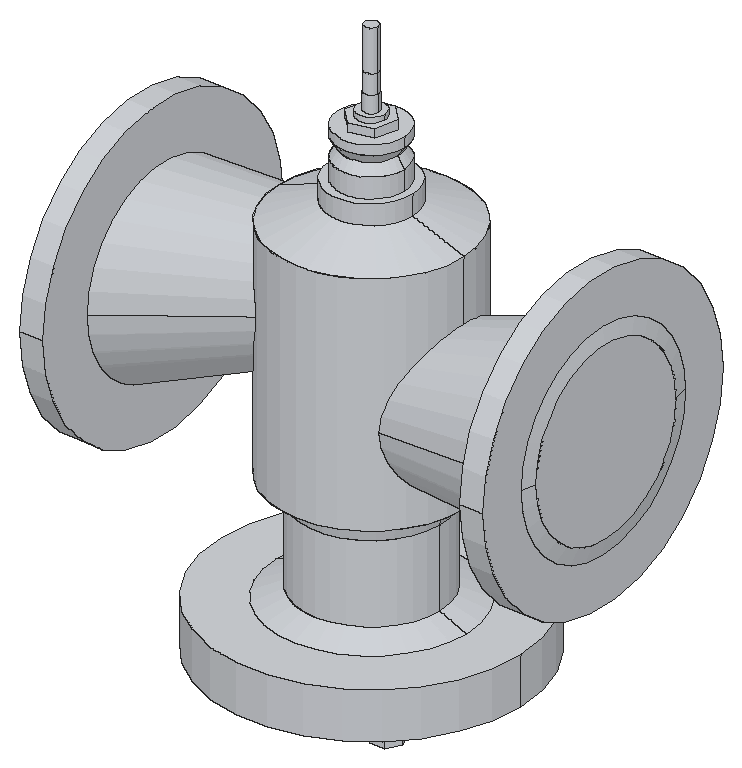
Revit family "2FGB-B_PN16_DN065_RFA_2019", category Pipe Accessories, Revit 2019
Family settings
  Round Connector Dimension = Use Diameter
  Part Type = Valve - Breaks Into
  Work Plane-Based = No
  Always vertical = Yes
  Cut with Voids When Loaded = No
  Shared = No
Parameters (values of type "2FGB-B PN16 DN065")
  magiProductId = ""
  magiProductFamilyId = ""
  magiPartTypeId = 306
  isMeasuringValve [instance] = no
  ang2D [instance] = 0.00°
  Z9 = 4.2 mm
  Z8 = 5.7 mm
  Z7 = 3 mm
  Z6 = 6 mm
  Z5 = 6 mm
  Z4 = 12 mm
  Z3 = 139.45 mm
  Z19 = 9.9 mm
  Z15 = 33.25 mm
  Z14__ve = -Z14  # -11.875 mm
  Z14 = 11.875 mm
  Z13 = 6.82 mm
  Z12 = 47.74 mm
  Z10 = 5.1 mm
  X4 = 28.6 mm
  X2__ve = -X2  # -14.3 mm
  X2 = 14.3 mm
  X1 = 2 mm
  W2D = 65 mm
  VersionID = ""
  Use Minimum Symbol Size [instance] = yes
  URL = "www.hydronix.cz"
  Type Comments = "Přírubový; EQM charakteristika; PN16; -10~+150°C; tlakově vyvážená kuželka"
  R9 = 4 mm
  R7 = 8.34 mm
  R6 = 13.9 mm
  R5 = 16.474 mm
  R4 = 20.592 mm
  R3 = 25.74 mm
  R2 = 44.25 mm
  R13 = 42.48 mm
  R12 = 4.378 mm
  R1 = 35.4 mm
  QmdConnectorList = "301;D;302;D"
  Productdata [instance] = "2FGB65B (DN65; PN16; kvs63; tlakově vyvážená kuželka)"
  Manufacturer = "Hydronix"
  Maintenance Zone Under Depth [instance] = 207 mm
  Maintenance Zone Right Depth [instance] = 175 mm
  Maintenance Zone Over Depth [instance] = 221 mm
  Maintenance Zone Left Depth [instance] = 175 mm
  Maintenance Zone Front Depth [instance] = 110 mm
  Maintenance Zone Back Depth [instance] = 110 mm
  Maintenance Zone Front Visibility [instance] = no
  LT2 = 145 mm
  L2D_Min = 3048 mm
  L2D = 290 mm
  HCDT2 = 59 mm
  H4 = 175 mm
  H3 = 95 mm
  H2 = 25 mm
  FDT2 = 92.5 mm
  Description = "2 cestný regulační ventil přírubový; DN65; PN16; kvs63; zdvih 25mm"
  D4 = 53.975 mm
  D3 = 63.5 mm
  D2 = 57.2 mm
  D = 65 mm
  CenSd_R6_6 = R6 * cos(30.00°)  # 12.037 mm
  CenSd_A_6 = A * cos(30.00°)  # 8.011 mm
  Clearance Zone Height Depth [instance] = 221 mm
  CZONC [instance] = 175 mm
  Clearance Zone Visibility [instance] = no
  B1 = 51.265 mm
  A = 9.25 mm
Types (5, lengths in mm): name | Z9 | Z8 | Z6 | Z5 | Z4 | Z3 | Z19 | Z15 | Z14__ve | Z14 | Z13 | Z12 | Z10 | X4 | X2__ve | X2 | W2D | R7 | R6 | R5 | R4 | R3 | R2 | R13 | R12 | R1 | Productdata | LT2 | L2D | HCDT2 | H4 | H3 | H2 | FDT2 | Description | D4 | D3 | D2 | D | CenSd_R6_6 | CenSd_A_6 | B1 | A
  2FGB-B PN16 DN100 | 4.165 | 5.602 | 5.95 | 5.95 | 11.9 | 168.575 | 9.767 | 40.775 | -14.562 | 14.562 | 8.12 | 56.84 | 5.082 | 34.6 | -17.3 | 17.3 | 100 | 10.089 | 16.816 | 19.93 | 24.912 | 31.14 | 57.375 | 55.08 | 5.297 | 45.9 | "2FGB100B (DN100; PN16; kvs130; tlakově vyvážená kuželka)" | 175 | 350 | 76.5 | 207 | 116.5 | 45 | 110 | "2 cestný regulační ventil přírubový; DN100; PN16; kvs130; zdvih 45mm" | 68.85 | 81 | 69.2 | 100 | 14.563 | 9.526 | 63.64 | 11
  2FGB-B PN16 DN080 | 4.2 | 5.7 | 6 | 6 | 12 | 151.95 | 9.9 | 36.75 | -13.125 | 13.125 | 7.32 | 51.24 | 5.1 | 30.6 | -15.3 | 15.3 | 80 | 8.923 | 14.872 | 17.626 | 22.032 | 27.54 | 49.875 | 47.88 | 4.685 | 39.9 | "2FGB80B (DN80; PN16; kvs100; tlakově vyvážená kuželka)" | 155 | 310 | 66.5 | 187 | 105 | 45 | 100 | "2 cestný regulační ventil přírubový; DN80; PN16; kvs100; zdvih 45mm" | 60.35 | 71 | 61.2 | 80 | 12.879 | 8.66 | 56.569 | 10
  2FGB-B PN16 DN065 | 4.2 | 5.7 | 6 | 6 | 12 | 139.45 | 9.9 | 33.25 | -11.875 | 11.875 | 6.82 | 47.74 | 5.1 | 28.6 | -14.3 | 14.3 | 65 | 8.34 | 13.9 | 16.474 | 20.592 | 25.74 | 44.25 | 42.48 | 4.378 | 35.4 | "2FGB65B (DN65; PN16; kvs63; tlakově vyvážená kuželka)" | 145 | 290 | 59 | 175 | 95 | 25 | 92.5 | "2 cestný regulační ventil přírubový; DN65; PN16; kvs63; zdvih 25mm" | 53.975 | 63.5 | 57.2 | 65 | 12.037 | 8.011 | 51.265 | 9.25
  2FGB-B PN16 DN150 | 4.2 | 5.7 | 6 | 6 | 12 | 227.45 | 9.9 | 54.95 | -19.625 | 19.625 | 10.97 | 76.79 | 5.1 | 47.6 | -23.8 | 23.8 | 150 | 13.88 | 23.134 | 27.418 | 34.272 | 42.84 | 77.625 | 74.52 | 7.287 | 62.1 | "2FGB150B (DN150; PN16; kvs300; tlakově vyvážená kuželka)" | 240 | 480 | 103.5 | 277 | 157 | 45 | 142.5 | "2 cestný regulační ventil přírubový; DN150; PN16; kvs300; zdvih 45mm" | 92.65 | 109 | 95.2 | 150 | 20.034 | 12.341 | 84.853 | 14.25
  2FGB-B PN16 DN125 | 4.2 | 5.7 | 6 | 6 | 12 | 196.45 | 9.9 | 48.65 | -17.375 | 17.375 | 9.22 | 64.54 | 5.1 | 39.6 | -19.8 | 19.8 | 125 | 11.547 | 19.246 | 22.81 | 28.512 | 35.64 | 68.625 | 65.88 | 6.062 | 54.9 | "2FGB125B (DN125; PN16; kvs200; tlakově vyvážená kuželka)" | 200 | 400 | 91.5 | 234 | 139 | 45 | 125 | "2 cestný regulační ventil přírubový; DN125; PN16; kvs200; zdvih 45mm" | 81.6 | 96 | 79.2 | 125 | 16.667 | 10.825 | 74.246 | 12.5
Reference planes
  plane 1 "Center (Front/Back)": y = 0
  plane 2 "XYPLANE": z = 0
  plane 3 "Center (Left/Right)": x = 0
  plane 4 "234": y = -51.265
  plane 5 "233": x = 51.265
  plane 6 "232": x = -51.265
  plane 7 "231": y = 51.265
  plane 8 "225": z = -165
  plane 9 "223": z = 221
  plane 10 "221": x = -175
  plane 11 "220": x = 175
  plane 12 "219": y = -110
  plane 13 "218": y = 110
  plane 14 "196": z = -207
  plane 15 "182": z = 155
  plane 16 "161": z = 143
  plane 17 "158": z = 137.3
  plane 18 "150": z = 133.1
  plane 19 "148": z = 130.1
  plane 20 "142": z = 125
  plane 21 "136": z = 119
  plane 22 "135": z = 113
  plane 23 "131": z = 107
  plane 24 "78": z = 71.25
  plane 25 "77": z = 83.125
  plane 26 "74": z = 95
  plane 27 "70": z = -68.2
  plane 28 "65": z = -75.02
  plane 29 "64": z = -81.84
  plane 30 "58": z = -129.58
  plane 31 "57": z = -136.4
  plane 32 "46": z = -175
  plane 33 "28": x = 128.7
  plane 34 "27": x = 143
  plane 35 "21": z = -20
  plane 36 "16": z = 33.25
  plane 37 "13": x = -128.7
  plane 38 "7": x = -143
  plane 39 "6": x = 145
  plane 40 "5": x = -145
  plane 41 "3": y = 0
  plane 42 "2": z = 0
  plane 43 "1": x = 0
Forms (mm)
  Extrusion 1, solid
    sketch origin (-750, 0, -175) x (1, 0, 0) y (0, 1, 0)
      loop
        line (810.515, -51.265) -> (805.89, -43.255) -> (796.64, -43.255) -> (792.015, -51.265) -> (796.64, -59.276) -> (805.89, -59.276) -> (810.515, -51.265)
    from 0 to 10
  Extrusion 2, solid
    sketch origin (-750, 0, -175) x (1, 0, 0) y (0, 1, 0)
      loop
        line (707.985, -51.265) -> (703.36, -43.255) -> (694.11, -43.255) -> (689.485, -51.265) -> (694.11, -59.276) -> (703.36, -59.276) -> (707.985, -51.265)
    from 0 to 10
  Extrusion 3, solid
    sketch origin (-750, 0, -175) x (1, 0, 0) y (0, 1, 0)
      loop
        line (810.515, 51.265) -> (805.89, 59.276) -> (796.64, 59.276) -> (792.015, 51.265) -> (796.64, 43.255) -> (805.89, 43.255) -> (810.515, 51.265)
    from 0 to 10
  Extrusion 4, solid
    sketch origin (-750, 0, -175) x (1, 0, 0) y (0, 1, 0)
      loop
        line (707.985, 51.265) -> (703.36, 59.276) -> (694.11, 59.276) -> (689.485, 51.265) -> (694.11, 43.255) -> (703.36, 43.255) -> (707.985, 51.265)
    from 0 to 10
  Blend 5, solid, visible <- "Maintenance Zone Front Visibility"
    base sketch origin (-750, 0, 221) x (1, 0, 0) y (0, 1, 0)
      loop
        line (575, 110) -> (575, -110) -> (925, -110) -> (925, 110) -> (575, 110)
    top sketch origin (-750, 0, 221) x (1, 0, 0) y (0, 1, 0)
      loop
        line (575, 110) -> (575, -110) -> (925, -110) -> (925, 110) -> (575, 110)
    from 0 to -428
  Extrusion 6, solid, visible <- "Clearance Zone Visibility"
    sketch origin (-750, 0, 0) x (1, 0, 0) y (0, 1, 0)
      loop
        circle (750, 0) r 175
    from 0 to 221 <- "Clearance Zone Height Depth"
  Extrusion 7, solid
    sketch origin (-750, 0, 133.1) x (1, 0, 0) y (0, 1, 0)
      loop
        circle (750, 0) r 4.378
    from 0 to 9.9 <- "Z19"
  Extrusion 8, solid
    sketch origin (-750, 0, 155) x (1, 0, 0) y (0, 1, 0)
      loop
        circle (750, 0) r 4
    from 0 to 25 <- "H2"
  Extrusion 9, solid
    sketch origin (-750, 0, 143) x (1, 0, 0) y (0, 1, 0)
      loop
        circle (750, 0) r 4
    from 0 to 12 <- "Z4"
  Extrusion 10, solid
    sketch origin (-750, 0, 130.1) x (1, 0, 0) y (0, 1, 0)
      loop
        circle (750, 0) r 8.34
    from 0 to 3 <- "Z7"
  Extrusion 11, solid
    sketch origin (-750, 0, 125) x (1, 0, 0) y (0, 1, 0)
      loop
        line (759.829, -9.829) -> (763.426, 3.597) -> (753.597, 13.426) -> (740.171, 9.829) -> (736.574, -3.597) -> (746.403, -13.426) -> (759.829, -9.829)
    from 0 to 5.1 <- "Z10"
  Extrusion 12, solid
    sketch origin (-750, 0, 119) x (1, 0, 0) y (0, 1, 0)
      loop
        circle (750, 0) r 20.592
    from 0 to 6 <- "Z6"
  Blend 13, solid
    base sketch origin (-750, 0, 113) x (1, 0, 0) y (0, 1, 0)
      loop
        circle (750, 0) r 16.474
    top sketch origin (-750, 0, 113) x (1, 0, 0) y (0, 1, 0)
      loop
        circle (750, 0) r 20.592
    from 0 to 6
  Blend 14, solid
    base sketch origin (-750, 0, 107) x (1, 0, 0) y (0, 1, 0)
      loop
        circle (750, 0) r 20.592
    top sketch origin (-750, 0, 107) x (1, 0, 0) y (0, 1, 0)
      loop
        circle (750, 0) r 16.474
    from 0 to 6
  Extrusion 15, solid
    sketch origin (-750, 0, 95) x (1, 0, 0) y (0, 1, 0)
      loop
        circle (750, 0) r 20.592
    from 0 to 12 <- "Z4"
  Extrusion 16, solid
    sketch origin (-750, 0, 95) x (1, 0, 0) y (0, 1, 0)
      loop
        circle (750, 0) r 25.74
    from 0 to -11.875 <- "Z14__ve"
  Blend 17, solid
    base sketch origin (-750, 0, 71.25) x (1, 0, 0) y (0, 1, 0)
      loop
        circle (750, 0) r 57.2
    top sketch origin (-750, 0, 71.25) x (1, 0, 0) y (0, 1, 0)
      loop
        circle (750, 0) r 25.74
    from 0 to 11.875
  Blend 18, solid
    base sketch origin (-750, 0, -75.02) x (1, 0, 0) y (0, 1, 0)
      loop
        circle (750, 0) r 44.25
    top sketch origin (-750, 0, -75.02) x (1, 0, 0) y (0, 1, 0)
      loop
        circle (750, 0) r 57.2
    from 0 to 6.82
  Blend 19, solid
    base sketch origin (-750, 0, -81.84) x (1, 0, 0) y (0, 1, 0)
      loop
        circle (750, 0) r 42.48
    top sketch origin (-750, 0, -81.84) x (1, 0, 0) y (0, 1, 0)
      loop
        circle (750, 0) r 44.25
    from 0 to 6.82
  Extrusion 20, solid
    sketch origin (-750, 0, -129.58) x (1, 0, 0) y (0, 1, 0)
      loop
        circle (750, 0) r 42.48
    from 0 to 47.74 <- "Z12"
  Blend 21, solid
    base sketch origin (-750, 0, -136.4) x (1, 0, 0) y (0, 1, 0)
      loop
        circle (750, 0) r 59
    top sketch origin (-750, 0, -136.4) x (1, 0, 0) y (0, 1, 0)
      loop
        circle (750, 0) r 42.48
    from 0 to 6.82
  Extrusion 22, solid
    sketch origin (-750, 0, -165) x (1, 0, 0) y (0, 1, 0)
      loop
        circle (750, 0) r 92.5
    from 0 to 28.6 <- "X4"
  Blend 23, solid
    base sketch origin (143, -750, 0) x (0, 1, 0) y (0, 0, 1)
      loop
        circle (750, 0) r 63.5
    top sketch origin (143, -750, 0) x (0, 1, 0) y (0, 0, 1)
      loop
        circle (750, 0) r 53.975
    from 0 to 2
  Blend 24, solid
    base sketch origin (-145, -750, 0) x (0, 1, 0) y (0, 0, 1)
      loop
        circle (750, 0) r 53.975
    top sketch origin (-145, -750, 0) x (0, 1, 0) y (0, 0, 1)
      loop
        circle (750, 0) r 63.5
    from 0 to 2
  Extrusion 25, solid
    sketch origin (143, -750, 0) x (0, 1, 0) y (0, 0, 1)
      loop
        circle (750, 0) r 92.5
    from 0 to -14.3 <- "X2__ve"
  Blend 26, solid
    base sketch origin (0, -750, 0) x (0, 1, 0) y (0, 0, 1)
      loop
        circle (750, -20) r 35.4
    top sketch origin (0, -750, 0) x (0, 1, 0) y (0, 0, 1)
      loop
        circle (750, 0) r 59
    from 0 to 128.7
  Extrusion 27, solid
    sketch origin (-750, 0, -68.2) x (1, 0, 0) y (0, 1, 0)
      loop
        circle (750, 0) r 57.2
    from 0 to 139.45 <- "Z3"
  Blend 28, solid
    base sketch origin (-128.7, -750, 0) x (0, 1, 0) y (0, 0, 1)
      loop
        circle (750, 0) r 59
    top sketch origin (-128.7, -750, 0) x (0, 1, 0) y (0, 0, 1)
      loop
        circle (750, 33.25) r 35.4
    from 0 to 128.7
  Extrusion 29, solid
    sketch origin (-143, -750, 0) x (0, 1, 0) y (0, 0, 1)
      loop
        circle (750, 0) r 92.5
    from 0 to 14.3 <- "X2"
  Extrusion 30, solid, not visible
    sketch origin (145, -750, 0) x (0, 1, 0) y (0, 0, 1)
      loop
        circle (750, 0) r 10
    from 0 to -10
  Extrusion 31, solid, not visible
    sketch origin (-145, -750, 0) x (0, 1, 0) y (0, 0, 1)
      loop
        circle (750, 0) r 10
    from 0 to 10
Lines and regions (mm)
  reference lines, not visible
    curve 1: circle (2, 2, 0) r 1 normal (0, 0, 1)
  reference lines
    curve 2: line (51.265, -51.265, -175) -> (48.515, -46.502, -175)
    curve 3: line (51.265, -51.265, -175) -> (45.765, -51.265, -175)
    curve 4: line (51.265, -51.265, -175) -> (48.515, -56.028, -175)
    curve 5: line (-51.265, -51.265, -175) -> (-54.015, -46.502, -175)
    curve 6: line (-51.265, -51.265, -175) -> (-56.765, -51.265, -175)
    curve 7: line (-51.265, -51.265, -175) -> (-54.015, -56.028, -175)
    curve 8: line (51.265, 51.265, -175) -> (48.515, 56.028, -175)
    curve 9: line (51.265, 51.265, -175) -> (45.765, 51.265, -175)
    curve 10: line (51.265, 51.265, -175) -> (48.515, 46.502, -175)
    curve 11: line (-51.265, 51.265, -175) -> (-54.015, 56.028, -175)
    curve 12: line (-51.265, 51.265, -175) -> (-56.765, 51.265, -175)
    curve 13: line (-51.265, 51.265, -175) -> (-54.015, 46.502, -175)
    curve 14: line (0, 0, 125) -> (2.176, 8.121, 125)
    curve 15: line (0, 0, 125) -> (-5.945, 5.945, 125)
    curve 16: line (0, 0, 125) -> (-8.121, -2.176, 125)
Dimensions and locks
  plane 1 "Center (Front/Back)" to curve 1 = 2 mm
  "B1": plane 1 "Center (Front/Back)" to plane 4 "234"
  "B1": plane 3 "Center (Left/Right)" to plane 5 "233"
  "B1": plane 3 "Center (Left/Right)" to plane 6 "232"
  "B1": plane 1 "Center (Front/Back)" to plane 7 "231"
  locked: plane 32 "46" to plane 8 "225" at 10
  "Maintenance Zone Over Depth": plane 2 "XYPLANE" to plane 9 "223"
  "Maintenance Zone Left Depth": plane 3 "Center (Left/Right)" to plane 10 "221"
  "Maintenance Zone Right Depth": plane 3 "Center (Left/Right)" to plane 11 "220"
  "Maintenance Zone Front Depth": plane 1 "Center (Front/Back)" to plane 12 "219"
  "Maintenance Zone Back Depth": plane 1 "Center (Front/Back)" to plane 13 "218"
  "Maintenance Zone Under Depth": plane 2 "XYPLANE" to plane 14 "196"
  "Z4": plane 16 "161" to plane 15 "182"
  "Z8": plane 17 "158" to plane 16 "161"
  "Z9": plane 18 "150" to plane 17 "158"
  "Z7": plane 19 "148" to plane 18 "150"
  "Z10": plane 20 "142" to plane 19 "148"
  "Z6": plane 21 "136" to plane 20 "142"
  "Z5": plane 22 "135" to plane 21 "136"
  "Z5": plane 23 "131" to plane 22 "135"
  "Z4": plane 26 "74" to plane 23 "131"
  "Z14": plane 25 "77" to plane 24 "78"
  "Z14": plane 26 "74" to plane 25 "77"
  "H3": plane 2 "XYPLANE" to plane 26 "74"
  "Z13": plane 28 "65" to plane 27 "70"
  "Z13": plane 29 "64" to plane 28 "65"
  "Z12": plane 30 "58" to plane 29 "64"
  "Z13": plane 31 "57" to plane 30 "58"
  "X4": plane 8 "225" to plane 31 "57"
  "H4": plane 2 "XYPLANE" to plane 32 "46"
  "X2": plane 34 "27" to plane 33 "28"
  "X1": plane 39 "6" to plane 34 "27"
  locked: plane 42 "2" to plane 35 "21" at 20
  "Z15": plane 42 "2" to plane 36 "16"
  "X2": plane 38 "7" to plane 37 "13"
  "X1": plane 40 "5" to plane 38 "7"
  "LT2": plane 3 "Center (Left/Right)" to plane 39 "6"
  "LT2": plane 3 "Center (Left/Right)" to plane 40 "5"
  locked: plane 1 "Center (Front/Back)" to plane 41 "3"
  locked: plane 2 "XYPLANE" to plane 42 "2"
  locked: plane 3 "Center (Left/Right)" to plane 43 "1"
  "CenSd_A_6": curve 2 to Extrusion 1 sketch curve  (x2)
  "CenSd_A_6": curve 3 to Extrusion 1 sketch curve  (x2)
  "CenSd_A_6": curve 4 to Extrusion 1 sketch curve  (x2)
  "CenSd_A_6": curve 5 to Extrusion 2 sketch curve  (x2)
  "CenSd_A_6": curve 6 to Extrusion 2 sketch curve  (x2)
  "CenSd_A_6": curve 7 to Extrusion 2 sketch curve  (x2)
  "CenSd_A_6": curve 8 to Extrusion 3 sketch curve  (x2)
  "CenSd_A_6": curve 9 to Extrusion 3 sketch curve  (x2)
  "CenSd_A_6": curve 10 to Extrusion 3 sketch curve  (x2)
  "CenSd_A_6": curve 11 to Extrusion 4 sketch curve  (x2)
  "CenSd_A_6": curve 12 to Extrusion 4 sketch curve  (x2)
  "CenSd_A_6": curve 13 to Extrusion 4 sketch curve  (x2)
  "CenSd_R6_6": curve 14 to Extrusion 11 sketch curve  (x2)
  "CenSd_R6_6": curve 15 to Extrusion 11 sketch curve  (x2)
  "CenSd_R6_6": curve 16 to Extrusion 11 sketch curve  (x2)
  "CZONC": radius of Extrusion 6 sketch curve
  "R12": radius of Extrusion 7 sketch curve
  "R9": radius of Extrusion 8 sketch curve
  "R9": radius of Extrusion 9 sketch curve
  "R7": radius of Extrusion 10 sketch curve
  "R4": radius of Extrusion 12 sketch curve
  "R4": radius of Blend 13 sketch curve
  "R5": radius of Blend 13 sketch curve
  "R5": radius of Blend 14 sketch curve
  "R4": radius of Blend 14 sketch curve
  "R4": radius of Extrusion 15 sketch curve
  "R3": radius of Extrusion 16 sketch curve
  "R3": radius of Blend 17 sketch curve
  "D2": radius of Blend 17 sketch curve
  "D2": radius of Blend 18 sketch curve
  "R2": radius of Blend 18 sketch curve
  "R2": radius of Blend 19 sketch curve
  "R13": radius of Blend 19 sketch curve
  "R13": radius of Extrusion 20 sketch curve
  "R13": radius of Blend 21 sketch curve
  "HCDT2": radius of Blend 21 sketch curve
  "FDT2": radius of Extrusion 22 sketch curve
  "D4": radius of Blend 23 sketch curve
  "D3": radius of Blend 23 sketch curve
  "D3": radius of Blend 24 sketch curve
  "D4": radius of Blend 24 sketch curve
  "FDT2": radius of Extrusion 25 sketch curve
  "HCDT2": radius of Blend 26 sketch curve
  "R1": radius of Blend 26 sketch curve
  "D2": radius of Extrusion 27 sketch curve
  "R1": radius of Blend 28 sketch curve
  "HCDT2": radius of Blend 28 sketch curve
  "FDT2": radius of Extrusion 29 sketch curve
  locked: curve 3 to curve 2 (angle 60.00°)
  locked: curve 4 to curve 3 (angle 60.00°)
  locked: curve 4 to curve 2 (angle 120.00°)
  locked: curve 6 to curve 5 (angle 60.00°)
  locked: curve 7 to curve 6 (angle 60.00°)
  locked: curve 7 to curve 5 (angle 120.00°)
  locked: curve 9 to curve 8 (angle 60.00°)
  locked: curve 10 to curve 9 (angle 60.00°)
  locked: curve 10 to curve 8 (angle 120.00°)
  locked: curve 12 to curve 11 (angle 60.00°)
  locked: curve 13 to curve 12 (angle 60.00°)
  locked: curve 13 to curve 11 (angle 120.00°)
  locked: curve 15 to curve 14 (angle 60.00°)
  locked: curve 16 to curve 15 (angle 60.00°)
  locked: curve 16 to curve 14 (angle 120.00°)
  aligned and locked: level to plane 2 "XYPLANE"
  aligned and locked: plane 4 "234" to curve 2
  aligned and locked: plane 5 "233" to curve 2
  aligned and locked: plane 4 "234" to curve 5
  aligned and locked: plane 6 "232" to curve 5
  aligned and locked: plane 5 "233" to curve 8
  aligned and locked: plane 7 "231" to curve 8
  aligned and locked: plane 6 "232" to curve 11
  aligned and locked: plane 7 "231" to curve 11
  aligned and locked: plane 13 "218" to Blend 5 sketch curve  (x4)
  aligned and locked: plane 12 "219" to Blend 5 sketch curve  (x4)
  aligned and locked: plane 10 "221" to Blend 5 sketch curve  (x4)
  aligned and locked: plane 11 "220" to Blend 5 sketch curve  (x4)
  aligned and locked: Blend 5 to plane 14 "196"
  aligned and locked: plane 41 "3" to Extrusion 6 sketch curve
  aligned and locked: plane 43 "1" to Extrusion 6 sketch curve
  aligned and locked: plane 41 "3" to Extrusion 7 sketch curve
  aligned and locked: plane 43 "1" to Extrusion 7 sketch curve
  aligned and locked: plane 41 "3" to Extrusion 8 sketch curve
  aligned and locked: plane 43 "1" to Extrusion 8 sketch curve
  aligned and locked: plane 41 "3" to Extrusion 9 sketch curve
  aligned and locked: plane 43 "1" to Extrusion 9 sketch curve
  aligned and locked: plane 41 "3" to Extrusion 10 sketch curve
  aligned and locked: plane 43 "1" to Extrusion 10 sketch curve
  aligned and locked: plane 41 "3" to curve 14
  aligned and locked: plane 43 "1" to curve 14
  aligned and locked: plane 41 "3" to Extrusion 12 sketch curve
  aligned and locked: plane 43 "1" to Extrusion 12 sketch curve
  aligned and locked: plane 41 "3" to Blend 13 sketch curve  (x2)
  aligned and locked: plane 43 "1" to Blend 13 sketch curve  (x2)
  aligned and locked: plane 21 "136" to Blend 13
  aligned and locked: plane 41 "3" to Blend 14 sketch curve  (x2)
  aligned and locked: plane 43 "1" to Blend 14 sketch curve  (x2)
  aligned and locked: plane 22 "135" to Blend 14
  aligned and locked: plane 41 "3" to Extrusion 15 sketch curve
  aligned and locked: plane 43 "1" to Extrusion 15 sketch curve
  aligned and locked: plane 41 "3" to Extrusion 16 sketch curve
  aligned and locked: plane 43 "1" to Extrusion 16 sketch curve
  aligned and locked: plane 41 "3" to Blend 17 sketch curve  (x2)
  aligned and locked: plane 43 "1" to Blend 17 sketch curve  (x2)
  aligned and locked: plane 25 "77" to Blend 17
  aligned and locked: plane 41 "3" to Blend 18 sketch curve  (x2)
  aligned and locked: plane 43 "1" to Blend 18 sketch curve  (x2)
  aligned and locked: plane 27 "70" to Blend 18
  aligned and locked: plane 41 "3" to Blend 19 sketch curve  (x2)
  aligned and locked: plane 43 "1" to Blend 19 sketch curve  (x2)
  aligned and locked: plane 28 "65" to Blend 19
  aligned and locked: plane 41 "3" to Extrusion 20 sketch curve
  aligned and locked: plane 43 "1" to Extrusion 20 sketch curve
  aligned and locked: plane 41 "3" to Blend 21 sketch curve  (x2)
  aligned and locked: plane 43 "1" to Blend 21 sketch curve  (x2)
  aligned and locked: plane 30 "58" to Blend 21
  aligned and locked: plane 41 "3" to Extrusion 22 sketch curve
  aligned and locked: plane 43 "1" to Extrusion 22 sketch curve
  aligned and locked: Blend 23 sketch curve to plane 41 "3"  (x2)
  aligned and locked: plane 42 "2" to Blend 23 sketch curve  (x2)
  aligned and locked: plane 39 "6" to Blend 23
  aligned and locked: Blend 24 sketch curve to plane 41 "3"  (x2)
  aligned and locked: plane 42 "2" to Blend 24 sketch curve  (x2)
  aligned and locked: plane 38 "7" to Blend 24
  aligned and locked: Extrusion 25 sketch curve to plane 41 "3"
  aligned and locked: plane 42 "2" to Extrusion 25 sketch curve
  aligned and locked: Blend 26 sketch curve to plane 41 "3"  (x2)
  aligned and locked: plane 42 "2" to Blend 26 sketch curve
  aligned and locked: plane 35 "21" to Blend 26 sketch curve
  aligned and locked: plane 33 "28" to Blend 26
  aligned and locked: plane 41 "3" to Extrusion 27 sketch curve
  aligned and locked: plane 43 "1" to Extrusion 27 sketch curve
  aligned and locked: plane 36 "16" to Blend 28 sketch curve
  aligned and locked: plane 41 "3" to Blend 28 sketch curve
  aligned and locked: Blend 28 sketch curve to plane 41 "3"
  aligned and locked: plane 42 "2" to Blend 28 sketch curve
  aligned and locked: plane 43 "1" to Blend 28
  aligned and locked: Extrusion 29 sketch curve to plane 41 "3"
  aligned and locked: plane 42 "2" to Extrusion 29 sketch curve
  aligned and locked: Extrusion 30 sketch curve to plane 41 "3"
  aligned and locked: plane 42 "2" to Extrusion 30 sketch curve
  aligned and locked: Extrusion 31 sketch curve to plane 41 "3"
  aligned and locked: plane 42 "2" to Extrusion 31 sketch curve
Automatic sketch dimensions
  plane 1 "Center (Front/Back)" to curve 16 = 2.176 mm
  plane 1 "Center (Front/Back)" to Extrusion 30 sketch curve = 10 mm
  plane 1 "Center (Front/Back)" to Extrusion 31 sketch curve = 10 mm
  plane 3 "Center (Left/Right)" to curve 1 = 2 mm
  radius of curve 1 = 1 mm
Connectors
  piping at (-145, 0, 0), diameter 65, driven by "D"
    settings: on Extrusion 31, index 1, connector inside diameter 609.6 mm, connector length 0 mm, flow factor 0, pipe flow 0.0 L/s, pressure drop 0.0 Pa, fitting loss kfactor 0, connector angle 0.00°, fixture units 0, engagement length 0 mm, angle of deflection 0.00°, flow configuration 0, flow direction 0, fitting loss method 0, system type 29, joint type 0, gender type 0, connector reference index 2, connector utility 0, adjustable connector no, is connector primary yes, connector description ""
  piping at (145, 0, 0), diameter 65, driven by "D"
    settings: on Extrusion 30, index 2, connector inside diameter 609.6 mm, connector length 0 mm, flow factor 0, pipe flow 0.0 L/s, pressure drop 0.0 Pa, fitting loss kfactor 0, connector angle 0.00°, fixture units 0, engagement length 0 mm, angle of deflection 0.00°, flow configuration 0, flow direction 0, fitting loss method 0, system type 29, joint type 0, gender type 0, connector reference index 1, connector utility 0, adjustable connector no, is connector primary no, connector description ""
